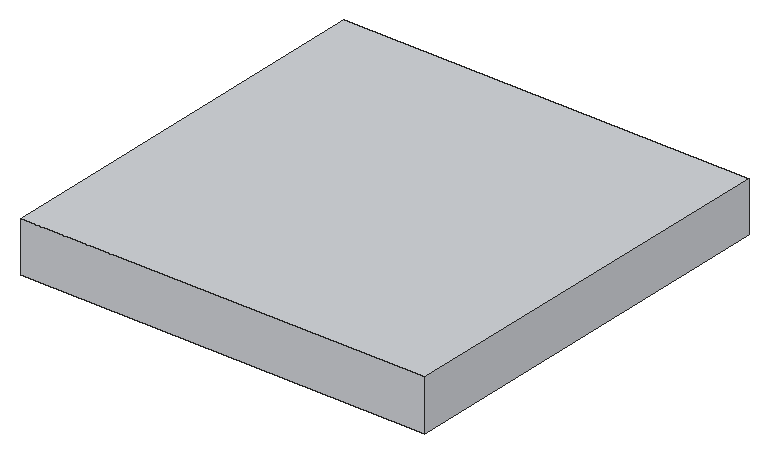
Revit family "00-8527-60-60", category Luminarias, Revit 2019
Family settings
  Anfitrión = Cara
  Cota de conector redondo = Diámetro de uso
  Tipo de pieza = Normal
  Número OmniClass = 23.80.70.00
  Título OmniClass = Lighting
  Corte con vacíos al cargar = No
  Origen de luz = No
  Compartido = Sí
  Punto de cálculo de habitación = No
Parameters (values of type "00-8527-60-60")
  Versión = "v1"
  Vatios (W) = 4.1
  Tipo de regulación = "ON-OFF"
  Tipo = "Pendant"
  Tender text (English) = "LEDS C4 Candle XS 1 Body Surface 00-8527-60-60  Pendant for indoor use.   For downlighting. Structure material: Steel, Aluminium. Structure finish: Black. Diffuser material: Methacrylate. Diffuser finish: Transparent. Warranty: 5 Years.  Product net weight (Kg): 0.51 Product width or diameter (mm): 25 Product height (mm): 2500  Class 1. IP: IP20. LED. No. of lampholders or LEDs: 1. LED brand: CREE. Driver brand: HEP. Maximum power of light source: 3.2W. Colour temperature: 2700K. Colour rendering index: 90. MacAdam Steps: 2. Hours of life: 50.000h L80B20. UGR: 22. Photobiological risk: RG1. Real flux (lm): 154. Real lm/W: 38. Voltage / frequency range: 100-240V, 50/60Hz. Voltage: 9. Equipment included: Yes. Total power: 4.1. Power factor: 0.90. Dimmable equipment included: ON-OFF."
  Tender text (Castellano) = "LEDS C4 Candle XS 1 Body Surface 00-8527-60-60  Pendant for indoor use.   For downlighting. Structure material: Steel, Aluminium. Structure finish: Black. Diffuser material: Methacrylate. Diffuser finish: Transparent. Warranty: 5 Years.  Product net weight (Kg): 0.51 Product width or diameter (mm): 25 Product height (mm): 2500  Class 1. IP: IP20. LED. No. of lampholders or LEDs: 1. LED brand: CREE. Driver brand: HEP. Maximum power of light source: 3.2W. Colour temperature: 2700K. Colour rendering index: 90. MacAdam Steps: 2. Hours of life: 50.000h L80B20. UGR: 22. Photobiological risk: RG1. Real flux (lm): 154. Real lm/W: 38. Voltage / frequency range: 100-240V, 50/60Hz. Voltage: 9. Equipment included: Yes. Total power: 4.1. Power factor: 0.90. Dimmable equipment included: ON-OFF."
  Temperatura color led (K) = "LED warm-white 2700K"
  Referencia = "00-8527-60-60"
  Rayo de luz = "FLOOD"
  Producto descatalogado = "Catalogado EN"
  Pluma comercial = ""
  Peso neto (KG) = 0.51
  Material = "Steel, Aluminium, Methacrylate"
  Lumenes reales (lm) = 154
  LDT = "https://files.leds-c4.com/ldt/00-8527-60-60.html"
  Imagen web = "https://files.leds-c4.com/main-photo/00-8527-60-60"
  IfcExportType = "NOTDEFINED"
  IfcExportAs = "IfcLightFixture\r\nIfcLightFixture"
  IP = "IP20"
  IMC = "https://files.leds-c4.com/imc/00-8527-60-60.html"
  IK = ""
  Fuente de luz = ""
  Fotometría = "https://files.leds-c4.com/fm/00-8527-60-60.html"
  Ficha = "https://files.leds-c4.com/ft/en/00-8527-60-60.html"
  FechaVersion = "Creada: 23/12/2022"
  Familia = "Candle XS 1 Body Surface"
  Fabricante = "LEDS C4"  # constant formula
  Etiqueta V/f = "100-240V/50-60Hz"
  Elevación por defecto = 1000 mm
  Eficiencia energética = "G"
  EAN13 = "8445386104744"
  DescripcionUniformat2010 = "Lighting"
  DescripcionUniclass2015 = "Lighting"
  DescripcionOmniclass = "Lighting"
  DescripcionGubimclass = "Iluminación interior"
  CodigoUniformat2010 = "D5040"
  CodigoUniclass2015 = "EF_70_80"
  CodigoOmniclass = "21-04 50 40"
  CodigoGubimclass = "50.60.50.20"
  Catálogo = "Decorative"
  Carga aparente = 0 VA
  CRI = 90
  Acabado = "Black, Transparent"
Reference planes
  plane 1 "Centro (Frontal/Posterior)": y = 0
  plane 2: z = 0
  plane 3 "Centro (Izquierda/Derecha)": x = 0
  plane 4 "Elevación de origen de luz": z = 0
  plane 5 "Eje de origen de luz (F/P)": y = 0
  plane 6 "Eje de origen de luz (I/D)": x = 0
Forms (mm)
  Extrusion 1, solid
    sketch origin (0, 0, 0) x (1, 0, 0) y (0, 1, 0)
      loop
        line (-1219.2, 1219.2) -> (-1219.2, -1219.2) -> (1219.2, -1219.2) -> (1219.2, 1219.2) -> (-1219.2, 1219.2)
    from 0 to -304.8
Dimensions and locks
  aligned and locked: plane 2 to Extrusion 1
  aligned and locked: level to Extrusion 1
Connectors
  electrical at (0, 0, 0)
    settings: on Extrusion 1, index 1, voltage 0 V, apparent load 0 VA, apparent load phase1 0 VA, apparent load phase2 0 VA, apparent load phase3 0 VA, power factor 1, load classification "Otro", number of poles 1, system type 31, power factor state 1, is connector primary yes, connector utility no, sub classification motor no, connector description ""
